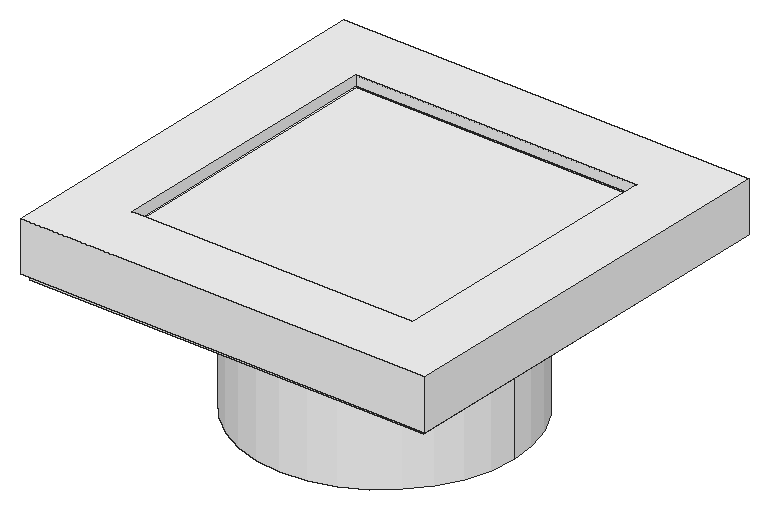
Revit family "Gira_283228", category Electrical Fixtures, host Face, Revit 2017
Family settings
  Host = Face
  Maintain Annotation Orientation = Yes
  Round Connector Dimension = Use Diameter
  Part Type = Normal
  Cut with Voids When Loaded = No
  Shared = No
  Room Calculation Point = No
Parameters (values of type "Rocker sw. 3-g 2-way System 55 anthra.")
  White [instance] = White
  URL = "http://katalog.gira.de/en/datenblatt.html?artikelnr=283228"
  Name = "Rocker sw. 3-g 2-way System 55 anthra."
  Model = "Sys55_Komplettgerät_Schalten und Tasten"
  Manufacturer URL = "https://www.gira.de/"
  Manufacturer = "Gira"
  Label space/information surface = "No"
  HeinzeBIM = "https://bimportal.heinze.de/bim/rocker-sw-3-g-2-way-system-55-anthra-/cb2eab62a08aa015b7d99e52600182cfeea99a14"
  HAN = "283228"
  GTIN = "4010337832287"
  Description = "Rock.sw.3g 2-w Sys55 AN,British Standard rocker switch (BS EN 60669-1) 3-gang with rockers,System 55, Support ring 71 x 71 mm, universal off 2-way switch,anthracite,Features:,- With screw terminals.,,Notes :,- For screw mounting only."
  Default Elevation = 1219.2 mm
  Data sheet (1) = "https://katalog.gira.de/en/download.html?artikelnr=283228"
  Category = "Switch"
  BIM (1) = "https://media.stage.bim.site/public/gira/36a6b08/Sys55_Komplettgerät_Schalten und Tasten.rfa?public/gira/36a6b08/Sys55_Komplettgerät_Schalten und Tasten.rfa"
  Available = "No"
Reference planes
  plane 1 "Center (Front/Back)": y = 0
  plane 2: z = 0
  plane 3 "Center (Left/Right)": x = 0
Forms (mm)
  Extrusion 1, solid, material "White" <- "White", detail levels medium
    sketch origin (0, 0, 0) x (1, 0, 0) y (0, 1, 0)
      loop
        line (-40.4, 40.4) -> (-40.4, -40.4) -> (40.4, -40.4) -> (40.4, 40.4) -> (-40.4, 40.4)
      loop
        line (-28, 28) -> (-28, -28) -> (28, -28) -> (28, 28) -> (-28, 28)
    from 0 to 10
  Extrusion 2, solid, material "White" <- "White", detail levels fine
    sketch origin (0, 0, 0) x (1, 0, 0) y (0, 1, 0)
      loop
        line (-40.4, 40.4) -> (-40.4, -40.4) -> (40.4, -40.4) -> (40.4, 40.4) -> (-40.4, 40.4)
      loop
        line (-28, 28) -> (-28, -28) -> (28, -28) -> (28, 28) -> (-28, 28)
    from 0 to 10
  Extrusion 3, void
    sketch origin (0, 0, 0) x (1, 0, 0) y (0, 1, 0)
      loop
        line (-38.4, 38.4) -> (-38.4, -38.4) -> (38.4, -38.4) -> (38.4, 38.4) -> (-38.4, 38.4)
    from 0 to 8
  Extrusion 4, solid, material "White" <- "White", detail levels medium+fine
    sketch origin (0, 0, 0) x (1, 0, 0) y (0, 1, 0)
      loop
        line (-39.4, 39.4) -> (-39.4, -39.4) -> (39.4, -39.4) -> (39.4, 39.4) -> (-39.4, 39.4)
    from 0 to -1
  Extrusion 5, solid, material "White" <- "White", detail levels medium+fine
    sketch origin (0, 0, 0) x (1, 0, 0) y (0, 1, 0)
      loop
        line (-35.5, 35.5) -> (-35.5, -35.5) -> (35.5, -35.5) -> (35.5, 35.5) -> (-35.5, 35.5)
    from -2 to -3
  Extrusion 6, solid, material "White" <- "White", detail levels medium+fine
    sketch origin (0, 0, 0) x (1, 0, 0) y (0, 1, 0)
      loop
        circle (0, 0) r 26
    from 0 to -27.5
  Extrusion 7, solid, material "White" <- "White", detail levels coarse
    sketch origin (0, 0, 0) x (1, 0, 0) y (0, 1, 0)
      loop
        line (-40.4, 40.4) -> (-40.4, -40.4) -> (40.4, -40.4) -> (40.4, 40.4) -> (-40.4, 40.4)
    from -27.5 to 10
Cuts and joins
  Extrusion 3 cuts Extrusion 2
Dimensions and locks
  aligned and locked: plane 2 to host face
  aligned and locked: level to host face
  aligned and locked: plane 3 "Center (Left/Right)" to nested 2
  aligned and locked: plane 1 "Center (Front/Back)" to nested 2
Nested families
  nested 1: "Sys55_Abdeckung_Schalten und Tasten_floor_base" at (0, 0, 0), type "Sys55_Abdeckung_Schalten und Tasten_floor_base"
  nested 2: "Schalter" at (0, 0, 0), type "Schalter"
Connectors
  electrical at (0, 0, -27.5)
    settings: on Extrusion 6, index 1, voltage 220 V, apparent load 0 VA, apparent load phase1 0 VA, apparent load phase2 0 VA, apparent load phase3 0 VA, power factor 1, load classification "Other", number of poles 1, system type 30, power factor state 1, is connector primary yes, connector utility no, sub classification motor no, connector description ""
Definition of nested family "Sys55_Abdeckung_Schalten und Tasten_floor_base"
  Parameters
    Default Elevation = 1219.2 mm
    White [instance] = none
  Reference planes
    plane 1 "Center (Front/Back)": y = 0
    plane 2: z = 0
    plane 3 "Center (Left/Right)": x = 0
  Forms (mm)
    Extrusion 1, solid
      sketch origin (0, 0, 0) x (1, 0, 0) y (0, 1, 0)
        loop
          line (-1219.2, 1219.2) -> (-1219.2, -1219.2) -> (1219.2, -1219.2) -> (1219.2, 1219.2) -> (-1219.2, 1219.2)
      from 0 to -304.8
    Extrusion 2, solid, material <- "White", detail levels fine
      sketch origin (0, 0, 0) x (1, 0, 0) y (0, 1, 0)
        loop
          line (-27.5, 27.5) -> (-27.5, -27.5) -> (27.5, -27.5) -> (27.5, 27.5) -> (-27.5, 27.5)
      from 0 to 8
    Extrusion 3, void
      sketch origin (0, 0, 0) x (1, 0, 0) y (0, 1, 0)
        loop
          line (26, 26) -> (-26, 26) -> (-26, -26) -> (26, -26) -> (26, 26)
      from 0 to 6
    Extrusion 4, solid, material <- "White", detail levels medium
      sketch origin (0, 0, 0) x (1, 0, 0) y (0, 1, 0)
        loop
          line (-27.5, 27.5) -> (-27.5, -27.5) -> (27.5, -27.5) -> (27.5, 27.5) -> (-27.5, 27.5)
      from 0 to 8
    Extrusion 5, solid, material <- "White", detail levels medium
      sketch origin (0, 0, 0) x (1, 0, 0) y (0, 1, 0)
        loop
          line (11, -17.5) -> (11, 17.5) -> (-11, 17.5) -> (-11, -17.5) -> (11, -17.5)
      from -6 to 6
    Extrusion 6, solid, material <- "White", detail levels fine
      sketch origin (0, 0, 0) x (1, 0, 0) y (0, 1, 0)
        loop
          line (11, 17.5) -> (-11, 17.5) -> (-11, 16.5) -> (11, 16.5) -> (11, 17.5)
        loop
          line (-11, -16.5) -> (-11, -17.5) -> (11, -17.5) -> (11, -16.5) -> (-11, -16.5)
      from -4 to 6
    Extrusion 7, solid, material <- "White", detail levels fine
      sketch origin (0, 0, 0) x (1, 0, 0) y (0, 1, 0)
        loop
          arc (5, 9.347) -> (0, 10.6) -> (-5, 9.347) r 10.6
          line (-5, 9.347) -> (-5, -9.347)
          arc (-5, -9.347) -> (0, -10.6) -> (5, -9.347) r 10.6
          line (5, -9.347) -> (5, 9.347)
      from -6 to 6
    Extrusion 8, solid, material <- "White", detail levels coarse
      sketch origin (0, 0, 0) x (1, 0, 0) y (0, 1, 0)
        loop
          line (-27.5, 27.5) -> (-27.5, -27.5) -> (27.5, -27.5) -> (27.5, 27.5) -> (-27.5, 27.5)
      from -6 to 8
  Cuts and joins
    Extrusion 3 cuts Extrusion 2
  Dimensions and locks
    aligned and locked: plane 2 to Extrusion 1
    aligned and locked: level to Extrusion 1
Definition of nested family "Schalter"
  Reference planes
    plane 1: y = 0
    plane 2: x = 0
  Lines and regions (mm)
    detail lines
      curve 1: circle (1.375, 2.778, 0) r 0.8 normal (0, 0, 1)
      curve 2: line (1.021, 2.061, 0) -> (0, 0, 0)
      curve 3: line (0, 0, 0) -> (-0.538, 0.266, 0)
  Dimensions and locks
    curve 2 to curve 2 = 2.3 mm
    curve 3 to curve 2 = 0.6 mm
    radius of curve 1 = 0.8 mm
